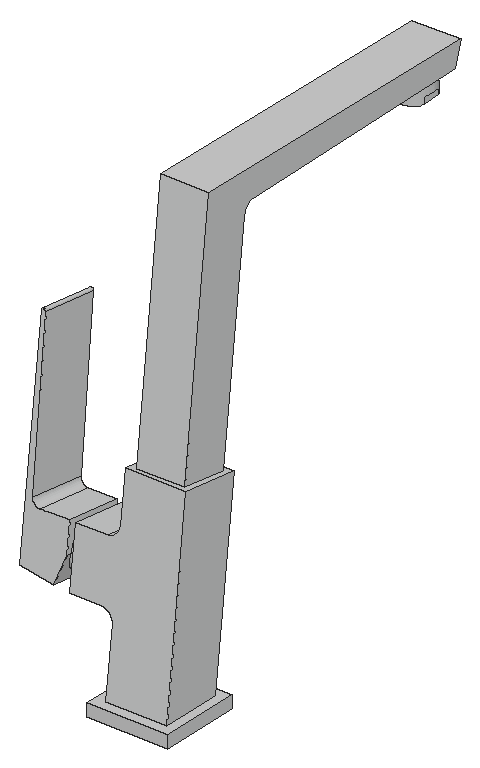
Revit family "162-MONOMANDO LAVAPLATOS VERSO", category Aparatos sanitarios, Revit 2020
Family settings
  Cota de conector redondo = Radio de uso
  Tipo de pieza = Normal
  Número OmniClass = 23.45.05.14.21.11
  Título OmniClass = Bath/Shower Units
  Se basa en plano de trabajo = Sí
  Siempre vertical = Sí
  Corte con vacíos al cargar = No
  Compartido = No
  Punto de cálculo de habitación = No
Parameters (values of type "LAVAPLATOS EXTRAIBLE VERSO")
  URL = "https://briggs.cl/producto/monomando-lavaplatos-verso/"
  Sanitary Radius = 20 mm
  WFU = 2
  F_Tolerancia dimensional = ""
  F_Tipo de instalación = "Vertical"
  F_Tipo de aro = ""
  F_SKU = "SGLP65403061CB"
  F_Profundidad = 22.50 cm
  F_Productos necesarios para instalación = ""
  F_Productos incluidos = "Base auxiliar y flexibles de conexión a la red de agua"
  F_Peso = 0.00 kgf
  F_Distancia de instalación a muro terminado (cm) = ""
  F_Descripción = ""
  F_Contacto comercial = "ventas@briggs.cl"
  F_Consumo / Capacidad de agua (L) = ""
  F_Color = "Latón cromado"
  F_Certificación = ""
  F_Ancho = 9.00 cm
  F_Alto = 26.80 cm
  Elevación por defecto = 121.92 cm
  Bath Tub Material = none
  HWFU = 1
  Flow Pressure [instance] = 55158.0 Pa
  Faucet Material = none
  Cold Water Radius = 7.5 mm
  CWFU = 1
Reference planes (cm)
  plane 1 "Center (Front/Back)": y = 0
  plane 2: z = 0
  plane 3 "Center (Left/Right)": x = 0
Forms (cm)
  Extrusion 1, solid, not visible
    sketch origin (0, 0, 0) x (1, 0, 0) y (0, 1, 0)
      loop
        circle (1.57, 0) r 0.635
      loop
        circle (-1.57, 0) r 0.635
    from 0 to -0.1
Dimensions and locks (cm)
  nested 1 to nested 1 = 22.50 cm
  nested 1 to nested 1 = 18.60 cm
  nested 1 to level = 24.00 cm
  nested 1 to level = 26.80 cm  (x2)
  nested 1 to nested 1 = 4.70 cm
  aligned and locked: plane 3 "Center (Left/Right)" to nested 1
  aligned and locked: plane 1 "Center (Front/Back)" to nested 1
Nested families (cm)
  nested 1: "MONOMANDO LAVAPLATOS VERSO" at (0, 0, 0), type "MONOMANDO LAVAPLATOS VERSO"
Connectors (cm)
  piping at (-1.57, 0, -0.1), diameter 1.28
    settings: on Extrusion 1, index 1, connector inside diameter 609.6 mm, connector length 0.00 cm, flow factor 0, pipe flow 0.0 L/s, pressure drop 0.0 Pa, fitting loss kfactor 0, connector angle 0.00°, fixture units 0, engagement length 0.00 cm, angle of deflection 0.00°, flow configuration 3, flow direction 1, fitting loss method 4, system type 20, joint type 0, gender type 0, connector reference index -1, connector utility 0, adjustable connector no, is connector primary yes, connector description "IN"
  piping at (1.57, 0, -0.1), diameter 1.28
    settings: on Extrusion 1, index 2, connector inside diameter 609.6 mm, connector length 0.00 cm, flow factor 0, pipe flow 0.0 L/s, pressure drop 0.0 Pa, fitting loss kfactor 0, connector angle 0.00°, fixture units 0, engagement length 0.00 cm, angle of deflection 0.00°, flow configuration 3, flow direction 1, fitting loss method 4, system type 19, joint type 0, gender type 0, connector reference index -1, connector utility 0, adjustable connector no, is connector primary no, connector description "IN"
Definition of nested family "MONOMANDO LAVAPLATOS VERSO"
  Parameters (values of type "MONOMANDO LAVAPLATOS VERSO")
    Default Elevation = 0.00 cm
    CROMADO = none
  Reference planes (cm)
    plane 1 "Centro (Frontal/Posterior)": y = 0
    plane 2: z = 0
    plane 3 "Centro (Izquierda/Derecha)": x = 0
    plane 4: z = 0
    plane 5: z = 26.8
    plane 6: z = 24
    plane 7: y = 18.6
    plane 8: y = -2.35
    plane 9: y = 20.15
    plane 10: x = -7.24
    plane 11: z = 11.8459
    plane 12: z = 18.2145
    plane 13: through (0, 2.0563, 17.0238) normal (0, -0.9925, 0.1219)
  Forms (cm)
    Extrusion 1, solid, material <- "CROMADO"
      sketch origin (0, 0, 0) x (1, 0, 0) y (0, 1, 0)
        loop
          line (2.35, 2.35) -> (-2.35, 2.35) -> (-2.35, -2.35) -> (2.35, -2.35) -> (2.35, 2.35)
      from 0 to 0.7081
    Extrusion 2, solid, material <- "CROMADO"
      sketch origin (0, 0, 0) x (0, 1, 0) y (0, 0, 1)
        loop
          line (20.15, 26.8) -> (1.8536, 26.8) -> (0.0647, 12.2308) -> (2.8368, 11.8904) -> (4.3844, 24.4943)
          arc (4.3844, 24.4943) -> (4.6248, 24.956) -> (5.1091, 25.1468) r 0.7432
          line (5.1091, 25.1468) -> (19.7756, 25.4028) -> (20.15, 26.8)
      from -1.403 to 1.403
    Extrusion 3, solid, material <- "CROMADO"
      sketch origin (0, 0, -3.0039) x (0, 1, 0) y (0, 0, 1)
        loop
          line (3.1839, 14.8517) -> (-0.29, 15.2782) -> (-1.7971, 3.0039) -> (1.7292, 3.0039) -> (3.1839, 14.8517)
      from -1.76 to 1.76
    Extrusion 4, solid, material <- "CROMADO"
      sketch origin (0, 19.5231, 25.4609) x (0, -0.994522, -0.104528) y (1, 0, 0)
        loop
          circle (1.0712, 0) r 1.1209
      from -0.0653 to -1.1353
    Extrusion 5, solid, material <- "CROMADO"
      sketch origin (0, 19.5231, 25.4609) x (0, -0.994522, -0.104528) y (-1, 0, 0)
        loop
          circle (1.0712, 0) r 1
      from 0.0653 to -0.2834
    Extrusion 6, void
      sketch origin (0, 19.5231, 25.4609) x (0, -0.994522, -0.104528) y (1, 0, 0)
        loop
          arc (1.564, 1.0068) -> (1.0712, 1.1209) -> (0.5785, 1.0068) r 1.1209
          line (0.5785, 1.0068) -> (1.564, 1.0068)
        loop
          line (1.564, -1.0068) -> (0.5785, -1.0068)
          arc (0.5785, -1.0068) -> (1.0712, -1.1209) -> (1.564, -1.0068) r 1.1209
      from -0.7068 to -1.2792
    Extrusion 7, solid, material <- "CROMADO"
      sketch origin (0, 3.9473, 18.0647) x (0, -0.121869, -0.992546) y (-1, 0, 0)
        loop
          line (13.3542, 2.46) -> (13.3542, 4.3271) -> (9.8342, 4.3271) -> (9.8342, 2.46)
          arc (9.8342, 2.46) -> (9.6292, 1.9651) -> (9.1342, 1.76) r 0.7
          line (9.1342, 1.76) -> (14.0542, 1.76)
          arc (14.0542, 1.76) -> (13.5593, 1.9651) -> (13.3542, 2.46) r 0.7
      from 0 to -3.5
    Extrusion 8, solid, material <- "CROMADO"
      sketch origin (0, 3.9473, 18.0647) x (0, -0.121869, -0.992546) y (-1, 0, 0)
        loop
          line (12.9477, 7.24) -> (0.2105, 7.24)
          arc (0.2105, 7.24) -> (0.0923, 7.1238) -> (0.2064, 7.0037) r 0.1182
          line (0.2064, 7.0037) -> (9.4115, 6.843)
          arc (9.4115, 6.843) -> (9.7108, 6.7144) -> (9.8342, 6.4129) r 0.4302
          line (9.8342, 6.4129) -> (9.8342, 4.6729) -> (11.5942, 4.6729) -> (13.2583, 5.2786) -> (12.9477, 7.24)
      from 0 to -3.5
    Revolve 9, solid, material <- "CROMADO"
      sketch origin (0, 2.0563, 17.0238) x (0, 0.121869, 0.992546) y (-1, 0, 0)
        loop
          line (-11.8307, 4.3271) -> (-10.3307, 4.3271) -> (-10.3307, 5.8271)
          arc (-10.3307, 5.8271) -> (-11.3913, 5.3877) -> (-11.8307, 4.3271) r 1.5
        axis (-10.3307, 4.3271) -> (-10.3307, 5.8271)
      angle from 0 to 360
  Cuts and joins
    Extrusion 6 cuts Extrusion 4
    joined: Extrusion 1, Extrusion 3, Extrusion 7
  Lines and regions (cm)
    reference lines
      curve 1: line (0, 19.5231, 25.4609) -> (0, 15.3669, 25.0241)
  Dimensions and locks (cm)
    plane 5 to level = 26.80 cm
    aligned and locked: level to plane 2
